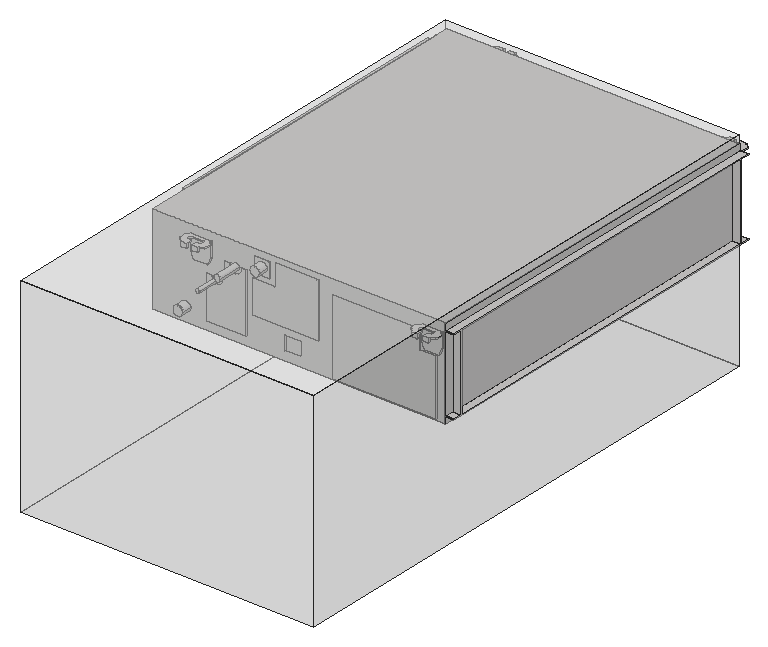
Revit family "outputfile", category 機械設備, Revit 2024
Family settings
  丸型コネクタ寸法 = 半径を使用
  パーツ タイプ = 標準
  OmniClass 番号 = 23.75.10.24.21.27.27
  OmniClass タイトル = Split System Air Conditioning Units
  作業面ベース = いいえ
  常に垂直 = はい
  ロード時にボイドで切り取り = いいえ
  注釈の向きを維持 = いいえ
  共有 = いいえ
  部屋計算ポイント = はい
Parameters (values of type "FBA71BVMA8")
  製造元 = "Daikin"
  書き出し IFC クラス(タイプ) = "IfcUnitaryEquipmentType"
  定義済み IFC タイプ(タイプ) = "AIRCONDITIONINGUNIT"
  モデル = "FBA71BVMA8"
  switch_frequency = yes
  r_Liquid Pipe Size = Liquid Pipe Size / 2  # 4.75 mm
  r_Gas Pipe Size = Gas Pipe Size / 2  # 7.95 mm
  r_Drain Pipe Size = Drain Pipe Size / 2  # 12.5 mm
  lw_power = 770.0 mm  # constant formula
  lh_SA = 138.0 mm  # constant formula
  lw_SA = if(Width = 550.0 mm, 225.0 mm, if(Width = 700.0 mm, 300.0 mm, if(Width = 1000.0 mm, 450.0 mm, if(Width = 1400.0 mm, 650.0 mm, 725.0 mm))))  # 450.0 mm
  lw_RA = if(Width = 550.0 mm, 275.0 mm, if(Width = 700.0 mm, 349.0 mm, if(Width = 1000.0 mm, 499.0 mm, if(Width = 1400.0 mm, 699.0 mm, 775.0 mm))))  # 499.0 mm
  lh_power = 60.0 mm + [h***]  # 60.0 mm
  lh_mountinghole1 = lh_mountinghole + [h***]  # 222.0 mm
  lh_RA = 123.0 mm  # constant formula
  ld_power = Width / 2  # 500.0 mm
  connector_voltage = Voltage_50Hz  # 230 V
  connector_powerinput = [Power Input (Cooling)]  # 2.150 kW
  connector_phase = Phase_50Hz  # 1
  Voltage_comment_60Hz = "220-230"
  Voltage_comment_50Hz = "220-240"
  Voltage_60Hz = 220 V
  Voltage_50Hz = 230 V
  Total Heating Capacity [instance] = 0.000 kW
  Supply Air Direction [instance] = yes
  Sound Power Level_H speed (dB) = 66
  Power Input (Heating) = 2.300 kW
  Phase_60Hz = 1
  Phase_50Hz = 1
  Nominal Heating Capacity = 8.000 kW
  Minimum External Static Pressure = 50.00 Pa
  Maximum External Static Pressure = 150.00 Pa
  Material_Casing = DAIKIN_GalvanizedSteel_Casing_indoorunit
  lw_mountinghole = 630.0 mm  # constant formula
  lh_gaspipe = 183.0 mm + [h***]  # 183.0 mm
  lh_mountinghole = 222.0 mm  # constant formula
  lh_liquidpipe = 136.0 mm + [h***]  # 136.0 mm
  lh_drainpipe = 207.0 mm + [h***]  # 207.0 mm
  lh_antena = Height - lh_mountinghole + 1.0 mm  # 24.0 mm
  ld_drainpipe = Width / 2 + 26.0 mm  # 526.0 mm
  ld_liquidpipe = Width / 2 + 69.0 mm  # 569.0 mm
  ld_gaspipe = Width / 2 + 65.0 mm  # 565.0 mm
  ld_mountinghole = Width + 38.0 mm  # 1038.0 mm
  h*** = 0.0 mm  # constant formula
  lw_liquidpipe = 179.0 mm  # constant formula
  lw_gaspipe = 229.0 mm  # constant formula
  lw_drainpipe = 300.0 mm  # constant formula
  Width = 1000.0 mm
  Version = "ver.1.0"
  Unit Type = "Duct"
  Unit Mass Weight = 37.00 kg
  Unit Designation [instance] = ""
  Uniclass2015Version = "Products v1.30"
  Uniclass2015Title = "Split coil room air conditioning units"
  Uniclass2015Code = "Pr_70_65_03_86"
  Total Cooling Capacity [instance] = 0.000 kW
  Sound Pressure Level_M speed (dBA) = 35
  Sound Pressure Level_L speed (dBA) = 33
  Sound Pressure Level_H speed (dBA) = 38
  Series = "SkyAir_Fan Coil Unit"
  Sensible Cooling Capacity [instance] = 0.000 kW
  SA Duct Size Width = 792.0 mm
  SA Duct Size Height = 176.0 mm
  Refrigerant Type = "R32"
  RA Duct Size Width = 952.0 mm
  RA Duct Size Height = 208.0 mm
  Power Input (Cooling) = 2.150 kW
  Option Accessory 3 [instance] = ""
  Option Accessory 2 [instance] = ""
  Option Accessory 1 [instance] = ""
  Nominal Cooling Capacity = 7.100 kW
  Minimum Airflow = 960.00 m³/h
  Median Airflow = 1170.00 m³/h
  Maximum Airflow = 1380.00 m³/h
  Load Classification = HVAC
  Liquid Pipe Size = 9.5 mm
  Link_Nested Family [instance] = ""
  IfcVersion = ""
  IfcExportType = "AIRCONDITIONINGUNIT"
  IfcExportAs = "IfcUnitaryEquipmentType"
  Height = 245.0 mm
  Heating Entering Wet Bulb Temperature [instance] = -273.15 °C
  Heating Entering Dry Bulb Temperature [instance] = -273.15 °C
  Heating Ambient Wet Bulb Temperature [instance] = -273.15 °C
  Heating Ambient Dry Bulb Temperature [instance] = -273.15 °C
  Heat Exchanger Type = "Cross Fin Coil"
  Gas Pipe Size = 15.9 mm
  Frequency_60Hz = 60 Hz
  Frequency_50Hz = 50 Hz
  Fan Type = "Sirocco Fan"
  Fan Drive = "Direct Drive"
  FCU Tag No. [instance] = ""
  Drain Pipe Size = 25.0 mm
  Design Supply Airflow [instance] = 0.00 m³/h
  Design Return Airflow [instance] = 0.00 m³/h
  Design External Static Pressure [instance] = 0.00 Pa
  Depth = 800.0 mm
  既定の高さ = 0.0 mm
  Cooling Entering Wet Bulb Temperature [instance] = 0.00 °C
  Cooling Entering Dry Bulb Temperature [instance] = 0.00 °C
  Cooling Ambient Wet Bulb Temperature [instance] = 0.00 °C
  Cooling Ambient Dry Bulb Temperature [instance] = 0.00 °C
  Clearance visibility [instance] = yes
  Clearance Top = 20.0 mm
  Clearance Right = 0.0 mm
  Clearance Rear = 0.0 mm
  Clearance Left = 0.0 mm
  Clearance Front = 450.0 mm
  Clearance Bottom = 300.0 mm
Reference planes
  plane 1 "Center (Front/Back)": y = 0
  plane 2 "h": z = 0
  plane 3 "Center (Left/Right)": x = 0
  plane 4 "Back": y = 500
  plane 5 "Front": y = -500
  plane 6 "Left": x = -400
  plane 7 "Right": x = 400
  plane 8 "Top": z = 0
  plane 9 "Bottom": z = -245
  plane 10: y = -215
  plane 11: y = 500
  plane 12: y = -950
  plane 13: x = -400
  plane 14: x = 400
  plane 15: z = 20
  plane 16: z = -545
  plane 17: x = -400
  plane 18: x = -399
  plane 19: x = 399
  plane 20: y = 50
  plane 21: y = -1
  plane 22: z = -122
  plane 23: y = -501
  plane 24: z = -109
  plane 25: x = -221
  plane 26: y = -565
  plane 27: z = -62
  plane 28: x = -171
  plane 29: y = -526
  plane 30: z = -38
  plane 31: x = -100
  plane 32: x = -100
  plane 33: x = -221
  plane 34: x = -171
  plane 35: x = 370
  plane 36: x = -266
  plane 37: x = 364
  plane 38: y = -519
  plane 39: y = 519
  plane 40: z = -23
  plane 41: z = -107
  plane 42: y = -569
  plane 43: z = -207
  plane 44: x = -309
  plane 45: y = -376
  plane 46: x = -251
  plane 47: x = -203
  plane 48: x = -144
  plane 49: z = -59
  plane 50: z = -106
  plane 51: z = -221
  plane 52: z = -109
  plane 53: x = -221
  plane 54: z = -62
  plane 55: x = -171
  plane 56: z = -17
  plane 57: z = -59
  plane 58: x = -121
  plane 59: x = -79
  plane 60: x = -125
  plane 61: x = -64
  plane 62: x = 53
  plane 63: z = -164
  plane 64: z = -73
  plane 65: z = -16
  plane 66: x = 93.5
  plane 67: x = 374.5
  plane 68: x = 330
  plane 69: z = -88.5
  plane 70: z = -38
  plane 71: z = -242.5
  plane 72: x = -38.5
  plane 73: x = 6.5
  plane 74: z = -181
  plane 75: z = -221
  plane 76: y = -499
  plane 77: x = -424
  plane 78: x = 424
Forms (mm)
  Extrusion 1, solid, material "DAIKIN_GalvanizedSteel_Casing_indoorunit" <- "Material_Casing"
    sketch origin (0, 0, 0) x (1, 0, 0) y (0, 1, 0)
      loop
        line (-399, 500) -> (-399, -500) -> (399, -500) -> (399, 500) -> (-399, 500)
    from -245 to 0
  Extrusion 2, solid, material "DAIKIN_GalvanizedSteel_Casing_indoorunit" <- "Material_Casing"
    sketch origin (0, 0, 0) x (1, 0, 0) y (0, 0, 1)
      loop
        line (-251, -221) -> (-144, -221) -> (-144, -59) -> (-154.47, -59)
        arc (-154.47, -59) -> (-171, -78.8) -> (-187.53, -59) r 16.8
        line (-187.53, -59) -> (-203, -59) -> (-203, -106) -> (-206.916, -106)
        arc (-206.916, -106) -> (-221, -123.4) -> (-235.084, -106) r 14.4
        line (-235.084, -106) -> (-251, -106) -> (-251, -221)
    from 500 to 501
  Extrusion 3, solid, material "DAIKIN_GalvanizedSteel_Casing_indoorunit" <- "Material_Casing"
    sketch origin (0, 0, 0) x (1, 0, 0) y (0, 0, 1)
      loop
        line (-121, -17) -> (-121, -59) -> (-79, -59) -> (-79, -17) -> (-121, -17)
      loop
        line (-125, -73) -> (-125, -164) -> (53, -164) -> (53, -16) -> (-64, -16) -> (-64, -73) -> (-125, -73)
    from 500 to 501
  Extrusion 4, solid, material "DAIKIN_GalvanizedSteel_Casing_indoorunit" <- "Material_Casing"
    sketch origin (0, 0, 0) x (1, 0, 0) y (0, 0, 1)
      loop
        line (93.5, -38) -> (93.5, -242.5) -> (374.5, -242.5) -> (374.5, -88.5) -> (330, -88.5) -> (330, -38) -> (93.5, -38)
    from 500 to 501
  Extrusion 5, solid, material "DAIKIN_GalvanizedSteel_Casing_indoorunit" <- "Material_Casing"
    sketch origin (0, 0, 0) x (1, 0, 0) y (0, 0, 1)
      loop
        circle (-221, -109) r 4.75
    from 500 to 569
  Extrusion 6, solid, material "DAIKIN_GalvanizedSteel_Casing_indoorunit" <- "Material_Casing"
    sketch origin (0, 0, 0) x (1, 0, 0) y (0, 0, 1)
      loop
        circle (-171, -62) r 7.95
    from 500 to 565
  Extrusion 7, solid, material "DAIKIN_GalvanizedSteel_Casing_indoorunit" <- "Material_Casing"
    sketch origin (0, 0, 0) x (1, 0, 0) y (0, 0, 1)
      loop
        circle (-100, -38) r 12.5
    from 501 to 526
  Extrusion 8, solid, material "DAIKIN_GalvanizedSteel_Casing_indoorunit" <- "Material_Casing"
    sketch origin (0, 0, 0) x (1, 0, 0) y (0, 0, 1)
      loop
        circle (-309, -207) r 13
    from 500 to 526
  Extrusion 9, void
    sketch origin (0, 0, 0) x (1, 0, 0) y (0, 0, 1)
      loop
        line (-38.5, -181) -> (-38.5, -221) -> (6.5, -221) -> (6.5, -181) -> (-38.5, -181)
    from 499 to 500
Cuts and joins
  Extrusion 9 cuts Extrusion 1
Dimensions and locks
  "Height": plane 8 "Top" to plane 9 "Bottom"
  equal spacing: plane 4 "Back", plane 1 "Center (Front/Back)", plane 5 "Front"
  "Width": plane 4 "Back" to plane 5 "Front"
  equal spacing: plane 6 "Left", plane 3 "Center (Left/Right)", plane 7 "Right"
  "Depth": plane 6 "Left" to plane 7 "Right"
  "Clearance Left": plane 13 to plane 6 "Left"
  "Clearance Right": plane 7 "Right" to plane 14
  "Clearance Rear": plane 11 to plane 4 "Back"
  "Clearance Front": plane 5 "Front" to plane 12
  "Clearance Top": plane 15 to plane 8 "Top"
  "Clearance Bottom": plane 9 "Bottom" to plane 16
  locked: plane 17 to plane 18 at 1
  locked: plane 19 to plane 14 at 1
  "lw_SA": plane 11 to plane 20
  "lw_RA": plane 21 to plane 5 "Front"
  "lh_RA": plane 22 to plane 9 "Bottom"
  locked: plane 5 "Front" to plane 23 at 1
  "lw_liquidpipe": plane 25 to plane 6 "Left"
  "lh_liquidpipe": plane 24 to plane 9 "Bottom"
  "lh_gaspipe": plane 27 to plane 9 "Bottom"
  "lw_gaspipe": plane 28 to plane 6 "Left"
  "ld_gaspipe": plane 26 to plane 1 "Center (Front/Back)"
  "ld_drainpipe": plane 29 to plane 1 "Center (Front/Back)"
  "lh_drainpipe": plane 30 to plane 9 "Bottom"
  "lw_drainpipe": plane 31 to plane 6 "Left"
  "lw_drainpipe": plane 6 "Left" to plane 32
  "lw_liquidpipe": plane 6 "Left" to plane 33
  "lw_gaspipe": plane 6 "Left" to plane 34
  "lw_power": plane 6 "Left" to plane 35
  locked: plane 17 to plane 36 at 134
  "lw_mountinghole": plane 36 to plane 37
  equal spacing: plane 38, plane 1 "Center (Front/Back)", plane 39
  "ld_mountinghole": plane 39 to plane 38
  "lh_mountinghole": plane 40 to plane 9 "Bottom"
  "lh_SA": plane 41 to plane 9 "Bottom"
  locked: plane 44 to plane 6 "Left" at 91
  locked: plane 43 to plane 9 "Bottom" at 38
  plane 48 to plane 47 to plane 46 to plane 6 "Left" = 59.0 mm, 48.0 mm, 149.0 mm
  plane 8 "Top" to plane 49 to plane 50 to plane 51 = 59.0 mm locked, 47.0 mm locked, 115.0 mm locked
  plane 55 to plane 53 to plane 6 "Left" = 50.0 mm locked, 179.0 mm locked
  plane 54 to plane 52 to plane 9 "Bottom" = 47.0 mm locked, 136.0 mm locked
  plane 59 to plane 58 to plane 6 "Left" = 42.0 mm locked, 279.0 mm locked
  plane 8 "Top" to plane 56 to plane 57 = 17.0 mm locked, 42.0 mm locked
  plane 62 to plane 61 to plane 60 to plane 6 "Left" = 117.0 mm, 61.0 mm, 275.0 mm
  plane 8 "Top" to plane 65 to plane 64 = 16.0 mm locked, 57.0 mm locked
  locked: plane 65 to plane 63 at 148
  plane 8 "Top" to plane 70 to plane 69 to plane 71 = 38.0 mm locked, 50.5 mm locked, 154.0 mm locked
  plane 67 to plane 68 to plane 66 to plane 6 "Left" = 44.5 mm locked, 236.5 mm locked, 493.5 mm locked
  plane 8 "Top" to plane 74 to plane 75 = 181.0 mm locked, 40.0 mm locked
  plane 73 to plane 72 to plane 6 "Left" = 45.0 mm, 361.5 mm
  locked: plane 76 to plane 5 "Front" at 1
  locked: plane 77 to plane 17 at 24
  locked: plane 14 to plane 78 at 24
  "ld_liquidpipe": plane 42 to plane 1 "Center (Front/Back)"
  "r_Liquid Pipe Size": radius of Extrusion 5 sketch curve
  "r_Gas Pipe Size": radius of Extrusion 6 sketch curve
  "r_Drain Pipe Size": radius of Extrusion 7 sketch curve
  aligned and locked: level to plane 2 "h"
  aligned and locked: plane 8 "Top" to Extrusion 1
  aligned and locked: Extrusion 1 to plane 9 "Bottom"
  aligned and locked: nested 5 to plane 12
  aligned and locked: plane 13 to nested 5
  aligned and locked: plane 14 to nested 5
  aligned and locked: nested 5 to plane 13
  aligned and locked: plane 11 to nested 5
  aligned and locked: plane 15 to nested 5
  aligned and locked: plane 16 to nested 5
  aligned and locked: plane 5 "Front" to Extrusion 1 sketch curve
  aligned and locked: Extrusion 1 to plane 18
  aligned and locked: plane 19 to Extrusion 1
  aligned and locked: nested 7 to plane 18
  aligned and locked: nested 7 to plane 20
  aligned and locked: plane 19 to nested 8
  aligned and locked: plane 21 to nested 8
  aligned and locked: plane 22 to nested 8
  aligned and locked: Extrusion 2 to plane 23
  aligned and locked: plane 5 "Front" to Extrusion 2
  aligned and locked: Extrusion 3 to plane 23
  aligned and locked: plane 5 "Front" to Extrusion 3
  aligned and locked: plane 5 "Front" to Extrusion 4
  aligned and locked: Extrusion 5 sketch curve to plane 25
  aligned and locked: plane 24 to Extrusion 5 sketch curve
  aligned and locked: plane 5 "Front" to Extrusion 5
  aligned and locked: Extrusion 6 sketch curve to plane 28
  aligned and locked: plane 27 to Extrusion 6 sketch curve
  aligned and locked: plane 5 "Front" to Extrusion 6
  aligned and locked: Extrusion 7 sketch curve to plane 31
  aligned and locked: Extrusion 7 sketch curve to plane 30
  aligned and locked: Extrusion 7 to plane 29
  aligned and locked: plane 23 to Extrusion 7
  aligned and locked: nested 3 to plane 29
  aligned and locked: plane 32 to nested 3
  aligned and locked: nested 2 to plane 33
  aligned and locked: nested 1 to plane 34
  aligned and locked: Extrusion 6 to plane 26
  aligned and locked: nested 1 to plane 26
  aligned and locked: nested 6 to plane 5 "Front"
  aligned and locked: nested 6 to plane 35
  aligned and locked: plane 36 to nested 10
  aligned and locked: nested 10 to plane 5 "Front"
  aligned and locked: plane 37 to nested 9
  aligned and locked: nested 9 to plane 5 "Front"
  aligned and locked: nested 11 to plane 36
  aligned and locked: plane 4 "Back" to nested 11
  aligned and locked: nested 12 to plane 37
  aligned and locked: plane 4 "Back" to nested 12
  aligned and locked: plane 40 to nested 10
  aligned and locked: plane 40 to nested 11
  aligned and locked: plane 40 to nested 9
  aligned and locked: plane 40 to nested 12
  aligned and locked: plane 36 to nested 14
  aligned and locked: nested 14 to plane 39
  aligned and locked: plane 37 to nested 13
  aligned and locked: nested 13 to plane 39
  aligned and locked: plane 37 to nested 16
  aligned and locked: plane 38 to nested 16
  aligned and locked: plane 38 to nested 15
  aligned and locked: plane 36 to nested 15
  aligned and locked: plane 17 to plane 6 "Left"
  aligned and locked: plane 41 to nested 7
  aligned and locked: Extrusion 5 to plane 42
  aligned and locked: nested 2 to plane 42
  aligned and locked: Extrusion 8 sketch curve to plane 44
  aligned and locked: plane 43 to Extrusion 8 sketch curve
  aligned and locked: plane 5 "Front" to Extrusion 8
  aligned and locked: Extrusion 3 sketch curve to plane 56
  aligned and locked: Extrusion 3 sketch curve to plane 58
  aligned and locked: plane 57 to Extrusion 3 sketch curve
  aligned and locked: plane 59 to Extrusion 3 sketch curve
  aligned and locked: Extrusion 4 to plane 23
  aligned and locked: Extrusion 9 sketch curve to plane 74
  aligned and locked: plane 75 to Extrusion 9 sketch curve
  aligned and locked: plane 73 to Extrusion 9 sketch curve
  aligned and locked: plane 5 "Front" to Extrusion 9
  aligned and locked: plane 76 to Extrusion 9
  aligned and locked: nested 17 to plane 20
  aligned and locked: nested 17 to plane 77
  aligned and locked: plane 21 to nested 18
  aligned and locked: plane 78 to nested 18
  aligned and locked: plane 41 to nested 17
  aligned and locked: nested 18 to plane 22
  aligned and locked: nested 4 to plane 3 "Center (Left/Right)"
  aligned and locked: plane 1 "Center (Front/Back)" to nested 4
  aligned and locked: level to plane 8 "Top"
  aligned and locked: Extrusion 8 to plane 29
Automatic sketch dimensions
  plane 6 "Left" to Extrusion 1 sketch curve = 1.0 mm
  Extrusion 1 sketch curve to plane 7 "Right" = 1.0 mm
  Extrusion 1 sketch curve to plane 4 "Back" = 0.0 mm
  Extrusion 2 sketch curve to plane 46 = 0.0 mm
  Extrusion 2 sketch curve to plane 33 = 0.0 mm
  Extrusion 2 sketch curve to plane 47 = 0.0 mm
  Extrusion 2 sketch curve to plane 34 = 0.0 mm
  Extrusion 2 sketch curve to plane 48 = 0.0 mm
  Extrusion 2 sketch curve to plane 51 = 0.0 mm
  Extrusion 2 sketch curve to plane 52 = 0.0 mm
  Extrusion 2 sketch curve to plane 50 = 0.0 mm  (x3)
  Extrusion 2 sketch curve to plane 54 = 0.0 mm
  Extrusion 2 sketch curve to plane 49 = 0.0 mm  (x3)
  plane 33 to Extrusion 2 sketch curve = 14.084 mm
  plane 34 to Extrusion 2 sketch curve = 16.53 mm
  Extrusion 3 sketch curve to plane 60 = 0.0 mm
  Extrusion 3 sketch curve to plane 61 = 0.0 mm
  Extrusion 3 sketch curve to plane 62 = 0.0 mm
  Extrusion 3 sketch curve to plane 63 = 0.0 mm
  Extrusion 3 sketch curve to plane 64 = 0.0 mm
  Extrusion 3 sketch curve to plane 65 = 0.0 mm
  Extrusion 4 sketch curve to plane 66 = 0.0 mm
  Extrusion 4 sketch curve to plane 68 = 0.0 mm
  Extrusion 4 sketch curve to plane 67 = 0.0 mm
  Extrusion 4 sketch curve to plane 71 = 0.0 mm
  Extrusion 4 sketch curve to plane 69 = 0.0 mm
  Extrusion 4 sketch curve to plane 70 = 0.0 mm
  Extrusion 9 sketch curve to plane 72 = 0.0 mm
  radius of Extrusion 8 sketch curve = 13.0 mm
Nested families
  nested 1: "daikin_connector_rotate2" at (-171, 0, -62), length <- "ld_gaspipe", built-in parameter 1001364 <- "lh_gaspipe", radius <- "r_Gas Pipe Size", type "daikin_connector_rotate2"
    with radius 7.95 mm, length 565.0 mm, angle_vertical 90.00°
  nested 2: "daikin_connector_rotate2" at (-221, 0, -109), length <- "ld_liquidpipe", built-in parameter 1001364 <- "lh_liquidpipe", radius <- "r_Liquid Pipe Size", type "daikin_connector_rotate2"
    with radius 4.75 mm, length 569.0 mm, angle_vertical 90.00°
  nested 3: "daikin_connector_rotate2" at (-100, 0, -38), length <- "ld_drainpipe", built-in parameter 1001364 <- "lh_drainpipe", radius <- "r_Drain Pipe Size", type "daikin_connector_rotate2"
    with radius 12.5 mm, length 526.0 mm, angle_vertical 90.00°
  nested 4: "daikin_△_symbolicline" at (0, 0, 245) x (0, -1, 0) z (0, 0, 1), built-in parameter 1001364 <- "Height", visible <- "Supply Air Direction", type "daikin_△_symbolicline"
    with length 200.0 mm
  nested 5: "daikin_clearancespace" at (0, -225, -262.381), visible <- "Clearance visibility", show <- "Clearance visibility", Link_Nested Family <- "Link_Nested Family", type "daikin_clearancespace"
    with width 800.0 mm, show yes, height 565.0 mm, depth 1450.0 mm, Link_Nested Family ""
  nested 6: "daikin_connector_rotate2" at (370, 0, -185), built-in parameter 1001364 <- "lh_power", length <- "ld_power", type "daikin_connector_rotate2"
    with radius 10.0 mm, length 500.0 mm, angle_vertical 90.00°
  nested 7: "daikin_ductflange_FBA-BVMA8_2" at (-399, 50, -107) x (0, -1, 0) z (0, 0, 1), type "daikin_ductflange_FBA-BVMA8_2"
    with width 792.0 mm, w 1000.0 mm
  nested 8: "daikin_ductflange_FBA-BVMA8" at (399, -1, -122) x (0, 1, 0) z (0, 0, 1), type "daikin_ductflange_FBA-BVMA8"
    with width 952.0 mm, lw 25.0 mm, w 1000.0 mm
  nested 9: "daikin_hangerfixture_FBA-BVMA8" at (364, -500, -23), type "daikin_hangerfixture_FBA-BVMA8"
  nested 10: "daikin_hangerfixture_FBA-BVMA8" at (-266, -500, -23), type "daikin_hangerfixture_FBA-BVMA8"
  nested 11: "daikin_hangerfixture_FBA-BVMA8" at (-266, 500, -23) x (-1, 0, 0) z (0, 0, 1), type "daikin_hangerfixture_FBA-BVMA8"
  nested 12: "daikin_hangerfixture_FBA-BVMA8" at (364, 500, -23) x (-1, 0, 0) z (0, 0, 1), type "daikin_hangerfixture_FBA-BVMA8"
  nested 13: "daikin_mountinghole" at (364, 519, -245), h_mountinghole <- "lh_mountinghole1", l_antenna <- "lh_antena", Link_Nested Family <- "Link_Nested Family", type "daikin_mountinghole"
    with show yes, l_antenna 24.0 mm, h_mountinghole 222.0 mm, Link_Nested Family ""
  nested 14: "daikin_mountinghole" at (-266, 519, -245), h_mountinghole <- "lh_mountinghole1", l_antenna <- "lh_antena", Link_Nested Family <- "Link_Nested Family", type "daikin_mountinghole"
    with show yes, l_antenna 24.0 mm, h_mountinghole 222.0 mm, Link_Nested Family ""
  nested 15: "daikin_mountinghole" at (-266, -519, -245), h_mountinghole <- "lh_mountinghole1", l_antenna <- "lh_antena", Link_Nested Family <- "Link_Nested Family", type "daikin_mountinghole"
    with show yes, l_antenna 24.0 mm, h_mountinghole 222.0 mm, Link_Nested Family ""
  nested 16: "daikin_mountinghole" at (364, -519, -245), h_mountinghole <- "lh_mountinghole1", l_antenna <- "lh_antena", Link_Nested Family <- "Link_Nested Family", type "daikin_mountinghole"
    with show yes, l_antenna 24.0 mm, h_mountinghole 222.0 mm, Link_Nested Family ""
  nested 17: "daikin_connector_rotate2" at (-400, 50, -107) x (0, -1, 0) z (0, 0, 1), type "daikin_connector_rotate2"
    with radius 10.0 mm, length 24.0 mm, angle_vertical 90.00°
  nested 18: "daikin_connector_rotate2" at (400, -1, -122) x (0, 1, 0) z (0, 0, 1), type "daikin_connector_rotate2"
    with radius 10.0 mm, length 24.0 mm, angle_vertical 90.00°
Connectors
  piping at (-100, -526, -38), diameter 25, driven by "r_Drain Pipe Size"
    settings: on nested 3, index 3, connector inside diameter 609.6 mm, connector length 0.0 mm, flow factor 0, pipe flow 0.00 m³/h, pressure drop 0.0 Pa, fitting loss kfactor 0, connector angle 0.00°, fixture units 0, engagement length 0.0 mm, angle of deflection 0.00°, flow configuration 1, flow direction 2, fitting loss method 4, system type 16, joint type 0, gender type 0, connector reference index -1, connector utility 0, adjustable connector no, is connector primary yes, connector description "Condensate Drain Piping"
  piping at (-171, -565, -62), diameter 15.9, driven by "r_Gas Pipe Size"
    settings: on nested 1, index 4, connector inside diameter 609.6 mm, connector length 0.0 mm, flow factor 0, pipe flow 0.00 m³/h, pressure drop 0.0 Pa, fitting loss kfactor 0, connector angle 0.00°, fixture units 0, engagement length 0.0 mm, angle of deflection 0.00°, flow configuration 1, flow direction 2, fitting loss method 0, system type 29, joint type 0, gender type 0, connector reference index -1, connector utility 0, adjustable connector no, is connector primary no, connector description "Refrigerant Gas Piping"
  piping at (-221, -569, -109), diameter 9.5, driven by "r_Liquid Pipe Size"
    settings: on nested 2, index 5, connector inside diameter 609.6 mm, connector length 0.0 mm, flow factor 0, pipe flow 0.00 m³/h, pressure drop 0.0 Pa, fitting loss kfactor 0, connector angle 0.00°, fixture units 0, engagement length 0.0 mm, angle of deflection 0.00°, flow configuration 1, flow direction 1, fitting loss method 0, system type 29, joint type 0, gender type 0, connector reference index -1, connector utility 0, adjustable connector no, is connector primary no, connector description "Refrigerant Liquid Piping"
  electrical at (370, -500, -185), driven by "Load Classification", driven by "connector_voltage", driven by "connector_phase", driven by "connector_powerinput"
    settings: on nested 6, index 6, voltage 230 V, apparent load 2150 VA, apparent load phase1 0 VA, apparent load phase2 0 VA, apparent load phase3 0 VA, power factor 1, load classification "HVAC", number of poles 1, system type 30, power factor state 1, is connector primary yes, connector utility no, sub classification motor no, connector description "Power Supply"
  hvac at (-424, 50, -107), driven by "SA Duct Size Height", driven by "SA Duct Size Width"
    settings: on nested 17, index 7, duct flow 0.00 m³/h, flow factor 0, pres drop 0.00 Pa, loss coef 0, conn angle 0.00°, conn width 792.0 mm, conn height 176.0 mm, conn diameter 609.6 mm, duct sys type 1, conn prof type 1, flow config 0, flow direction 2, loss method 4, conn ref index -1, conn util no, is conn primary yes, conn desc "SA Duct"
  hvac at (424, -1, -122), driven by "RA Duct Size Height", driven by "RA Duct Size Width"
    settings: on nested 18, index 8, duct flow 0.00 m³/h, flow factor 0, pres drop 0.00 Pa, loss coef 0, conn angle 0.00°, conn width 952.0 mm, conn height 208.0 mm, conn diameter 609.6 mm, duct sys type 2, conn prof type 1, flow config 0, flow direction 1, loss method 4, conn ref index -1, conn util no, is conn primary no, conn desc "RA Duct"
Definition of nested family "daikin_clearancespace"
  Parameters (values of type "daikin_clearancespace")
    Description = "daikin_clearancespace"
    width [instance] = 1823.963 mm
    show [instance] = yes
    material = none
    height [instance] = 1359.762 mm
    depth [instance] = 880.0 mm
    Default Elevation = 0.0 mm
    Link_Nested Family [instance] = ""
  Reference planes
    plane 1 "Center (Front/Back)": y = 0
    plane 2 "Center (Elevation)": z = -0.119
    plane 3 "Center (Left/Right)": x = 0
    plane 4: y = 440
    plane 5: y = -440
    plane 6 "Right": x = 911.982
    plane 7 "Left": x = -911.982
    plane 8 "Top": z = 679.762
    plane 9 "Bottom": z = -680
  Forms (mm)
    Extrusion 1, solid, material <- "material", visible <- "show"
      sketch origin (0, 0, 0) x (1, 0, 0) y (0, 1, 0)
        loop
          line (-911.982, 440) -> (-911.982, -440) -> (911.982, -440) -> (911.982, 440) -> (-911.982, 440)
      from -680 to 679.762
  Lines and regions (mm)
    symbolic lines, visible <- "show"
      curve 1: line (911.982, 440, 0) -> (-911.982, 440, 0)
      curve 2: line (-911.982, 440, 0) -> (-911.982, -440, 0)
      curve 3: line (-911.982, -440, 0) -> (911.982, -440, 0)
      curve 4: line (911.982, -440, 0) -> (911.982, 440, 0)
      curve 5: line (911.982, 0, 679.762) -> (-911.982, 0, 679.762)
      curve 6: line (911.982, 0, -680) -> (911.982, 0, 679.762)
      curve 7: line (-911.982, 0, -680) -> (911.982, 0, -680)
      curve 8: line (-911.982, 0, 679.762) -> (-911.982, 0, -680)
      curve 9: line (0, 440, 679.762) -> (0, -440, 679.762)
      curve 10: line (0, -440, 679.762) -> (0, -440, -680)
      curve 11: line (0, 440, -680) -> (0, 440, 679.762)
      curve 12: line (0, -440, -680) -> (0, 440, -680)
  Dimensions and locks
    "width": plane 7 "Left" to plane 6 "Right"
    "depth": plane 4 to plane 5
    "height": plane 8 "Top" to plane 9 "Bottom"
    equal spacing: plane 7 "Left", plane 3 "Center (Left/Right)", plane 6 "Right"
    equal spacing: plane 4, plane 1 "Center (Front/Back)", plane 5
    equal spacing: plane 8 "Top", plane 2 "Center (Elevation)", plane 9 "Bottom"
    aligned and locked: level to plane 2 "Center (Elevation)"
    aligned and locked: Extrusion 1 sketch curve to plane 4
    aligned and locked: plane 7 "Left" to Extrusion 1 sketch curve
    aligned and locked: Extrusion 1 sketch curve to plane 5
    aligned and locked: Extrusion 1 sketch curve to plane 6 "Right"
    aligned and locked: plane 8 "Top" to Extrusion 1
    aligned and locked: curve 1 to Extrusion 1
    aligned and locked: curve 2 to Extrusion 1
    aligned and locked: curve 3 to Extrusion 1
    aligned and locked: curve 4 to Extrusion 1
    aligned and locked: curve 5 to Extrusion 1
    aligned and locked: curve 6 to Extrusion 1
    aligned and locked: curve 7 to Extrusion 1
    aligned and locked: curve 8 to Extrusion 1
    aligned and locked: curve 9 to Extrusion 1
    aligned and locked: curve 10 to Extrusion 1
    aligned and locked: curve 11 to Extrusion 1
    aligned and locked: curve 12 to Extrusion 1
    aligned and locked: Extrusion 1 to plane 9 "Bottom"
Definition of nested family "daikin_ductflange_FBA-BVMA8_2"
  Parameters (values of type "daikin_ductflange_FBFC-DVMG2")
    width = if(w = 550.0 mm, 337.0 mm, if(w = 700.0 mm, 492.0 mm, if(w = 1000.0 mm, 792.0 mm, if(w = 1400.0 mm, 1192.0 mm, 1337.0 mm))))  # 1192.0 mm
    material = none
    height = 215.0 mm
    depth = 1.0 mm
    w = 1400.0 mm
    Default Elevation = 0.0 mm
  Reference planes
    plane 1 "Center (Front/Back)": y = 0
    plane 2: z = 0
    plane 3 "Center (Left/Right)": x = 0
    plane 4: z = 88
    plane 5: z = -88
    plane 6: y = -25
    plane 7: z = 106
    plane 8: z = 89
    plane 9: y = -1
    plane 10: x = -617.5
    plane 11: x = 617.5
    plane 12: z = -106
    plane 13: z = -89
    plane 14: y = -1
    plane 15: x = 596
    plane 16: x = -596
    plane 17: x = 597
    plane 18: z = 87
    plane 19: z = -87
    plane 20: x = -597
    plane 21: z = 87
    plane 22: z = -87
    plane 23: y = -1
  Forms (mm)
    Extrusion 1, solid, material <- "material"
      sketch origin (0, 0, 0) x (0, 1, 0) y (0, 0, 1)
        loop
          line (-25, 88) -> (0, 88) -> (0, 106) -> (-1, 106) -> (-1, 89) -> (-25, 89) -> (-25, 88)
      from -617.5 to 617.5
    Extrusion 2, solid, material <- "material"
      sketch origin (0, 0, 0) x (0, 1, 0) y (0, 0, 1)
        loop
          line (-25, -88) -> (-25, -89) -> (-1, -89) -> (-1, -106) -> (0, -106) -> (0, -88) -> (-25, -88)
      from -617.5 to 617.5
    Extrusion 3, solid, material <- "material"
      sketch origin (0, 0, 0) x (1, 0, 0) y (0, 0, 1)
        loop
          line (596, 88) -> (596, -88) -> (617.5, -88) -> (617.5, -87) -> (597, -87) -> (597, 87) -> (617.5, 87) -> (617.5, 88) -> (596, 88)
      from 0 to 25
    Extrusion 4, solid, material <- "material"
      sketch origin (0, 0, 0) x (1, 0, 0) y (0, 0, 1)
        loop
          line (-617.5, 88) -> (-617.5, 87) -> (-597, 87) -> (-597, -87) -> (-617.5, -87) -> (-617.5, -88) -> (-596, -88) -> (-596, 88) -> (-617.5, 88)
      from 0 to 25
    Extrusion 5, solid, material <- "material"
      sketch origin (0, 0, 0) x (1, 0, 0) y (0, 0, 1)
        loop
          line (-617.5, 88) -> (-617.5, -88) -> (-596, -88) -> (-596, 88) -> (-617.5, 88)
        loop
          line (617.5, 88) -> (596, 88) -> (596, -88) -> (617.5, -88) -> (617.5, 88)
      from 0 to 1
  Cuts and joins
    joined: Extrusion 1, Extrusion 2, Extrusion 3, Extrusion 4, Extrusion 5
  Dimensions and locks
    plane 4 to level to plane 5 = 88.0 mm, 88.0 mm
    locked: plane 6 to plane 1 "Center (Front/Back)" at 25
    locked: plane 9 to plane 1 "Center (Front/Back)" at 1
    locked: plane 8 to plane 4 at 1
    locked: plane 16 to plane 10 at 21.5
    locked: plane 17 to plane 15 at 1
    locked: plane 4 to plane 18 at 1
    locked: plane 19 to plane 5 at 1
    "width": plane 15 to plane 16
    plane 4 to plane 5 = 176.0 mm
    locked: plane 16 to plane 20 at 1
    locked: plane 4 to plane 21 at 1
    locked: plane 22 to plane 5 at 1
    locked: plane 23 to plane 1 "Center (Front/Back)" at 1
    plane 4 to level to plane 5 = 88.0 mm locked, 88.0 mm locked
    locked: plane 5 to plane 13 at 1
    locked: plane 5 to plane 12 at 18
    locked: plane 7 to plane 4 at 18
    equal spacing: plane 15, plane 3 "Center (Left/Right)", plane 16
    locked: plane 11 to plane 15 at 21.5
    plane 11 to plane 10 = 1235.0 mm
    aligned and locked: level to plane 2
    aligned and locked: Extrusion 1 to plane 10
    aligned and locked: plane 11 to Extrusion 1
    aligned and locked: plane 5 to Extrusion 2
    aligned and locked: Extrusion 2 to plane 1 "Center (Front/Back)"
    aligned and locked: plane 15 to Extrusion 3 sketch curve
    aligned and locked: Extrusion 3 sketch curve to Extrusion 2  (x2)
    aligned and locked: Extrusion 3 sketch curve to plane 11
    aligned and locked: plane 6 to Extrusion 3
    aligned and locked: Extrusion 2 to plane 10
    aligned and locked: plane 11 to Extrusion 2
    aligned and locked: Extrusion 4 sketch curve to Extrusion 1  (x2)
    aligned and locked: plane 5 to Extrusion 4 sketch curve
    aligned and locked: Extrusion 4 sketch curve to plane 16
    aligned and locked: Extrusion 4 sketch curve to plane 22
    aligned and locked: plane 20 to Extrusion 4 sketch curve
    aligned and locked: plane 21 to Extrusion 4 sketch curve
    aligned and locked: Extrusion 4 to plane 1 "Center (Front/Back)"
    aligned and locked: plane 6 to Extrusion 4
    aligned and locked: Extrusion 5 sketch curve to Extrusion 1  (x4)
    aligned and locked: Extrusion 5 sketch curve to Extrusion 4  (x2)
    aligned and locked: Extrusion 5 sketch curve to Extrusion 3  (x2)
    aligned and locked: Extrusion 5 to plane 1 "Center (Front/Back)"
    aligned and locked: plane 23 to Extrusion 5
  Automatic sketch dimensions
    Extrusion 1 sketch curve to plane 6 = 0.0 mm
    Extrusion 1 sketch curve to plane 7 = 0.0 mm
    Extrusion 1 sketch curve to plane 9 = 0.0 mm
    Extrusion 1 sketch curve to plane 1 "Center (Front/Back)" = 0.0 mm
    Extrusion 1 sketch curve to plane 4 = 0.0 mm
    Extrusion 1 sketch curve to plane 8 = 0.0 mm
    Extrusion 2 sketch curve to plane 6 = 0.0 mm
    plane 12 to Extrusion 2 sketch curve = 0.0 mm
    Extrusion 2 sketch curve to plane 14 = 0.0 mm
    Extrusion 2 sketch curve to plane 1 "Center (Front/Back)" = 0.0 mm
    plane 13 to Extrusion 2 sketch curve = 0.0 mm
    Extrusion 2 sketch curve to plane 5 = 0.0 mm
    Extrusion 3 sketch curve to plane 17 = 0.0 mm
    Extrusion 3 sketch curve to plane 19 = 0.0 mm
    Extrusion 3 sketch curve to plane 18 = 0.0 mm
    Extrusion 3 sketch curve to plane 4 = 0.0 mm
    Extrusion 4 sketch curve to plane 10 = 0.0 mm
Definition of nested family "daikin_ductflange_FBA-BVMA8"
  Parameters (values of type "daikin_ductflange_FBFC-DVMG")
    width = if(w = 550.0 mm, 502.0 mm, if(w = 700.0 mm, 654.0 mm, if(w = 1000.0 mm, 952.0 mm, if(w = 1400.0 mm, 1352.0 mm, 1502.0 mm))))  # 654.0 mm
    material = none
    lw = if(width = 654.0 mm, 23.0 mm, 25.0 mm)  # 23.0 mm
    height = 208.0 mm
    depth = 1.0 mm
    w = 700.0 mm
    Default Elevation = 0.0 mm
  Reference planes
    plane 1 "Center (Front/Back)": y = 0
    plane 2: z = 0
    plane 3 "Center (Left/Right)": x = 0
    plane 4: z = 104
    plane 5: z = -104
    plane 6: y = -25
    plane 7: z = 121
    plane 8: z = 105
    plane 9: y = -1
    plane 10: x = -350
    plane 11: x = 350
    plane 12: z = -122
    plane 13: z = -105
    plane 14: y = -1
    plane 15: x = 327
    plane 16: x = -327
    plane 17: x = 328
    plane 18: z = 103
    plane 19: z = -103
    plane 20: x = -328
    plane 21: z = 103
    plane 22: z = -103
    plane 23: y = -1
  Forms (mm)
    Extrusion 1, solid, material <- "material"
      sketch origin (0, 0, 0) x (0, 1, 0) y (0, 0, 1)
        loop
          line (-25, 104) -> (0, 104) -> (0, 121) -> (-1, 121) -> (-1, 105) -> (-25, 105) -> (-25, 104)
      from -350 to 350
    Extrusion 2, solid, material <- "material"
      sketch origin (0, 0, 0) x (0, 1, 0) y (0, 0, 1)
        loop
          line (-25, -104) -> (-25, -105) -> (-1, -105) -> (-1, -122) -> (0, -122) -> (0, -104) -> (-25, -104)
      from -350 to 350
    Extrusion 3, solid, material <- "material"
      sketch origin (0, 0, 0) x (1, 0, 0) y (0, 0, 1)
        loop
          line (327, 104) -> (327, -104) -> (350, -104) -> (350, -103) -> (328, -103) -> (328, 103) -> (350, 103) -> (350, 104) -> (327, 104)
      from 0 to 25
    Extrusion 4, solid, material <- "material"
      sketch origin (0, 0, 0) x (1, 0, 0) y (0, 0, 1)
        loop
          line (-350, 104) -> (-350, 103) -> (-328, 103) -> (-328, -103) -> (-350, -103) -> (-350, -104) -> (-327, -104) -> (-327, 104) -> (-350, 104)
      from 0 to 25
    Extrusion 5, solid, material <- "material"
      sketch origin (0, 0, 0) x (1, 0, 0) y (0, 0, 1)
        loop
          line (-350, 104) -> (-350, -104) -> (-327, -104) -> (-327, 104) -> (-350, 104)
        loop
          line (350, 104) -> (327, 104) -> (327, -104) -> (350, -104) -> (350, 104)
      from 0 to 1
  Cuts and joins
    joined: Extrusion 1, Extrusion 2, Extrusion 3, Extrusion 4, Extrusion 5
  Dimensions and locks
    plane 4 to level to plane 5 = 104.0 mm, 104.0 mm
    locked: plane 6 to plane 1 "Center (Front/Back)" at 25
    locked: plane 9 to plane 1 "Center (Front/Back)" at 1
    locked: plane 8 to plane 4 at 1
    "lw": plane 11 to plane 15
    "lw": plane 16 to plane 10
    locked: plane 17 to plane 15 at 1
    locked: plane 4 to plane 18 at 1
    locked: plane 19 to plane 5 at 1
    "width": plane 15 to plane 16
    equal spacing: plane 15, plane 3 "Center (Left/Right)", plane 16
    locked: plane 16 to plane 20 at 1
    locked: plane 4 to plane 21 at 1
    locked: plane 22 to plane 5 at 1
    locked: plane 23 to plane 1 "Center (Front/Back)" at 1
    locked: plane 7 to plane 4 at 17
    locked: plane 1 "Center (Front/Back)" to plane 14 at 1
    locked: plane 5 to plane 13 at 1
    "height": plane 4 to plane 5
    plane 11 to plane 10 = 700.0 mm
    locked: plane 12 to plane 13 at 17
    equal spacing: plane 4, level, plane 5
    aligned and locked: level to plane 2
    aligned and locked: Extrusion 1 to plane 10
    aligned and locked: plane 11 to Extrusion 1
    aligned and locked: plane 5 to Extrusion 2
    aligned and locked: Extrusion 2 to plane 1 "Center (Front/Back)"
    aligned and locked: plane 15 to Extrusion 3 sketch curve
    aligned and locked: Extrusion 3 sketch curve to Extrusion 2  (x2)
    aligned and locked: Extrusion 3 sketch curve to plane 11
    aligned and locked: plane 6 to Extrusion 3
    aligned and locked: Extrusion 2 to plane 10
    aligned and locked: plane 11 to Extrusion 2
    aligned and locked: Extrusion 4 sketch curve to Extrusion 1  (x2)
    aligned and locked: plane 5 to Extrusion 4 sketch curve
    aligned and locked: Extrusion 4 sketch curve to plane 16
    aligned and locked: Extrusion 4 sketch curve to plane 22
    aligned and locked: plane 20 to Extrusion 4 sketch curve
    aligned and locked: plane 21 to Extrusion 4 sketch curve
    aligned and locked: Extrusion 4 to plane 1 "Center (Front/Back)"
    aligned and locked: plane 6 to Extrusion 4
    aligned and locked: Extrusion 5 sketch curve to Extrusion 1  (x4)
    aligned and locked: Extrusion 5 sketch curve to Extrusion 4  (x2)
    aligned and locked: Extrusion 5 sketch curve to Extrusion 3  (x2)
    aligned and locked: Extrusion 5 to plane 1 "Center (Front/Back)"
    aligned and locked: plane 23 to Extrusion 5
  Automatic sketch dimensions
    Extrusion 1 sketch curve to plane 6 = 0.0 mm
    Extrusion 1 sketch curve to plane 7 = 0.0 mm
    Extrusion 1 sketch curve to plane 9 = 0.0 mm
    Extrusion 1 sketch curve to plane 1 "Center (Front/Back)" = 0.0 mm
    Extrusion 1 sketch curve to plane 4 = 0.0 mm
    Extrusion 1 sketch curve to plane 8 = 0.0 mm
    Extrusion 2 sketch curve to plane 6 = 0.0 mm
    plane 12 to Extrusion 2 sketch curve = 0.0 mm
    Extrusion 2 sketch curve to plane 14 = 0.0 mm
    Extrusion 2 sketch curve to plane 1 "Center (Front/Back)" = 0.0 mm
    plane 13 to Extrusion 2 sketch curve = 0.0 mm
    Extrusion 2 sketch curve to plane 5 = 0.0 mm
    Extrusion 3 sketch curve to plane 17 = 0.0 mm
    Extrusion 3 sketch curve to plane 19 = 0.0 mm
    Extrusion 3 sketch curve to plane 18 = 0.0 mm
    Extrusion 3 sketch curve to plane 4 = 0.0 mm
    Extrusion 4 sketch curve to plane 10 = 0.0 mm
Definition of nested family "daikin_hangerfixture_FBA-BVMA8"
  Parameters (values of type "daikin_hangerfixture_FXMQ-PAVE")
    width = 72.0 mm
    material = none
    height = 60.0 mm
    depth = 41.0 mm
    Default Elevation = 0.0 mm
  Reference planes
    plane 1 "Center (Front/Back)": y = 0
    plane 2: z = 0
    plane 3 "Center (Left/Right)": x = 0
    plane 4: y = 417.146
    plane 5: y = -41
    plane 6: x = -36
    plane 7: x = 36
    plane 8: z = -2.3
    plane 9: z = -60
    plane 10: y = -2.3
    plane 11: z = -12
    plane 12: y = -38.7
  Forms (mm)
    Extrusion 1, solid, material <- "material"
      sketch origin (0, 0, 0) x (1, 0, 0) y (0, 1, 0)
        loop
          line (-28, 0) -> (-28, -5)
          arc (-28, -5) -> (-29.127, -8.162) -> (-32, -9.899) r 5
          arc (-32, -9.899) -> (-34.873, -11.636) -> (-36, -14.798) r 5
          line (-36, -14.798) -> (-36, -27.178)
          arc (-36, -27.178) -> (-35.429, -29.499) -> (-33.846, -31.289) r 5
          line (-33.846, -31.289) -> (-23, -38.798) -> (-23, -41.098) -> (-6.5, -41.098) -> (-6.5, -28.498)
          arc (-6.5, -28.498) -> (-7.379, -26.377) -> (-9.5, -25.498) r 3
          line (-9.5, -25.498) -> (-13.5, -25.498)
          arc (-13.5, -25.498) -> (-20, -18.998) -> (-13.5, -12.498) r 6.5
          line (-13.5, -12.498) -> (13.5, -12.498)
          arc (13.5, -12.498) -> (20, -18.998) -> (13.5, -25.498) r 6.5
          line (13.5, -25.498) -> (9.5, -25.498)
          arc (9.5, -25.498) -> (7.379, -26.377) -> (6.5, -28.498) r 3
          line (6.5, -28.498) -> (6.5, -41.098) -> (23, -41.098) -> (23, -38.798) -> (33.846, -31.289)
          arc (33.846, -31.289) -> (35.429, -29.499) -> (36, -27.178) r 5
          line (36, -27.178) -> (36, -14.596)
          arc (36, -14.596) -> (34.873, -11.434) -> (32, -9.697) r 5
          arc (32, -9.697) -> (29.127, -7.96) -> (28, -4.798) r 5
          line (28, -4.798) -> (28, 0) -> (-28, 0)
      from 0 to -2.3
    Extrusion 2, solid, material <- "material"
      sketch origin (0, 0, 0) x (1, 0, 0) y (0, 0, 1)
        loop
          line (28, -39.037) -> (28, 0) -> (-28, 0) -> (-28, -39.037)
          arc (-28, -39.037) -> (-27.91, -39.983) -> (-27.642, -40.894) r 5
          line (-27.642, -40.894) -> (-21.257, -56.857)
          arc (-21.257, -56.857) -> (-19.418, -59.14) -> (-16.615, -60) r 5
          line (-16.615, -60) -> (16.615, -60)
          arc (16.615, -60) -> (19.418, -59.14) -> (21.257, -56.857) r 5
          line (21.257, -56.857) -> (27.642, -40.894)
          arc (27.642, -40.894) -> (27.91, -39.983) -> (28, -39.037) r 5
      from 0 to 2.3
    Extrusion 3, solid, material <- "material"
      sketch origin (0, 0, 0) x (1, 0, 0) y (0, 0, 1)
        loop
          line (-23, 0) -> (-23, -9)
          arc (-23, -9) -> (-22.121, -11.121) -> (-20, -12) r 3
          line (-20, -12) -> (-9.5, -12)
          arc (-9.5, -12) -> (-7.379, -11.121) -> (-6.5, -9) r 3
          line (-6.5, -9) -> (-6.5, 0) -> (-23, 0)
        loop
          line (23, 0) -> (6.5, 0) -> (6.5, -9)
          arc (6.5, -9) -> (7.379, -11.121) -> (9.5, -12) r 3
          line (9.5, -12) -> (20, -12)
          arc (20, -12) -> (22.121, -11.121) -> (23, -9) r 3
          line (23, -9) -> (23, 0)
      from 38.8 to 41.098
  Cuts and joins
    joined: Extrusion 1, Extrusion 2, Extrusion 3
  Dimensions and locks
    plane 2 to plane 8 = 2.3 mm
    "height": plane 2 to plane 9
    locked: plane 10 to plane 1 "Center (Front/Back)" at 2.3
    locked: plane 2 to plane 11 at 12
    locked: plane 12 to plane 5 at 2.3
    aligned and locked: level to plane 2
    aligned and locked: Extrusion 1 to plane 8
    aligned and locked: plane 2 to Extrusion 1
    aligned and locked: plane 2 to Extrusion 2 sketch curve
    aligned and locked: Extrusion 2 to plane 10
    aligned and locked: Extrusion 2 to plane 1 "Center (Front/Back)"
    aligned and locked: Extrusion 3 sketch curve to cut or joined group of Extrusion 1, Extrusion 2, Extrusion 3  (x3)
    aligned and locked: cut or joined group of Extrusion 1, Extrusion 2, Extrusion 3 to Extrusion 3
  Automatic sketch dimensions
    Extrusion 2 sketch curve to plane 7 = 8.0 mm
    Extrusion 2 sketch curve to plane 8 = 36.737 mm
    plane 6 to Extrusion 2 sketch curve = 19.385 mm
    Extrusion 1 sketch curve to plane 6 = 0.0 mm
    plane 1 "Center (Front/Back)" to Extrusion 1 sketch curve = 0.0 mm
    Extrusion 1 sketch curve to plane 7 = 0.0 mm
    plane 6 to Extrusion 1 sketch curve = 2.154 mm
    plane 6 to Extrusion 1 sketch curve = 3.0 mm
    Extrusion 1 sketch curve to Extrusion 1 sketch curve = 5.0 mm  (x3)
    Extrusion 1 sketch curve to plane 12 = 0.098 mm  (x2)
    Extrusion 1 sketch curve to Extrusion 1 sketch curve = 4.0 mm  (x2)
    Extrusion 1 sketch curve to plane 5 = 0.098 mm  (x2)
    Extrusion 1 sketch curve to plane 3 "Center (Left/Right)" = 6.5 mm
    plane 3 "Center (Left/Right)" to Extrusion 1 sketch curve = 6.5 mm
    Extrusion 1 sketch curve to Extrusion 1 sketch curve = 3.0 mm
    Extrusion 1 sketch curve to plane 7 = 8.0 mm
    Extrusion 1 sketch curve to plane 7 = 5.0 mm
    Extrusion 1 sketch curve to plane 7 = 3.0 mm
    Extrusion 1 sketch curve to plane 7 = 2.154 mm
    plane 12 to Extrusion 1 sketch curve = 7.411 mm  (x2)
    plane 12 to Extrusion 1 sketch curve = 10.202 mm  (x2)
    Extrusion 1 sketch curve to Extrusion 1 sketch curve = 6.5 mm  (x2)
    Extrusion 1 sketch curve to Extrusion 1 sketch curve = 12.38 mm
    Extrusion 1 sketch curve to plane 10 = 12.296 mm
    Extrusion 1 sketch curve to plane 10 = 2.7 mm
    Extrusion 1 sketch curve to plane 10 = 2.498 mm
    plane 6 to Extrusion 1 sketch curve = 4.0 mm
    Extrusion 1 sketch curve to Extrusion 1 sketch curve = 0.0 mm  (x2)
    Extrusion 1 sketch curve to plane 7 = 4.0 mm
    Extrusion 1 sketch curve to Extrusion 1 sketch curve = 4.111 mm
    Extrusion 3 sketch curve to level = 0.0 mm  (x2)
    Extrusion 3 sketch curve to plane 11 = 0.0 mm  (x2)
    plane 11 to Extrusion 3 sketch curve = 3.0 mm  (x2)
    plane 3 "Center (Left/Right)" to Extrusion 3 sketch curve = 6.5 mm
    Extrusion 3 sketch curve to Extrusion 3 sketch curve = 3.0 mm  (x2)
    Extrusion 2 sketch curve to plane 9 = 0.0 mm
    Extrusion 2 sketch curve to Extrusion 2 sketch curve = 11.385 mm
    plane 6 to Extrusion 2 sketch curve = 8.0 mm
    plane 9 to Extrusion 2 sketch curve = 20.963 mm
    Extrusion 2 sketch curve to Extrusion 2 sketch curve = 5.0 mm  (x2)
    plane 9 to Extrusion 2 sketch curve = 3.143 mm  (x3)
    Extrusion 2 sketch curve to Extrusion 2 sketch curve = 4.642 mm  (x2)
    Extrusion 2 sketch curve to Extrusion 2 sketch curve = 0.0 mm  (x2)
    Extrusion 2 sketch curve to Extrusion 2 sketch curve = 0.358 mm
    Extrusion 2 sketch curve to Extrusion 2 sketch curve = 1.857 mm  (x2)
Definition of nested family "daikin_connector_rotate2"
  Parameters (values of type "daikin_connector_rotate2")
    Default Elevation = 1219.2 mm
    show_face = no
    radius [instance] = 10.0 mm
    length [instance] = 600.0 mm
    d_surface = 10.0 mm
    angle_vertical [instance] = 90.00°
  Reference planes
    plane 1 "Center (Front/Back)": y = 0
    plane 2: z = 0
    plane 3 "Center (Left/Right)": x = 0
  Forms (mm)
    Extrusion 1, solid, visible <- "show_face"
      sketch origin (0, -600, 0) x (1, 0, 0) y (0, 0, 1)
        loop
          circle (0, 0) r 10
      from 0 to -10
  Lines and regions (mm)
    reference lines
      curve 1: line (0, 0, 0) -> (0, -600, 0)
    symbolic lines
      curve 2: circle (0, 0, 0) r 5 normal (0, 0, 1)
    model lines, visible <- "show_face"
      curve 3: line (0, 0, 0) -> (0, -600, 0)
  Dimensions and locks
    "length": curve 1 to curve 1
    "length": curve 3 to curve 3
    "d_surface": Extrusion 1 to Extrusion 1
    "radius": radius of Extrusion 1 sketch curve
    "angle_vertical": angle curve 1 to plane 1 "Center (Front/Back)"
    "angle_vertical": angle curve 3 to plane 1 "Center (Front/Back)"
    aligned and locked: level to plane 2
    aligned and locked: plane 1 "Center (Front/Back)" to curve 1
    aligned and locked: plane 2 to curve 1
    aligned and locked: plane 1 "Center (Front/Back)" to curve 2
    aligned and locked: plane 3 "Center (Left/Right)" to curve 2
    aligned and locked: plane 1 "Center (Front/Back)" to curve 3
    aligned and locked: plane 2 to curve 3
    aligned and locked: Extrusion 1 to Extrusion 1
  Automatic sketch dimensions
    Extrusion 1 sketch curve to level = 0.0 mm
    Extrusion 1 sketch curve to plane 3 "Center (Left/Right)" = 0.0 mm
    radius of curve 2 = 5.0 mm
Definition of nested family "daikin_△_symbolicline"
  Parameters (values of type "daikin_△_symbolicline")
    length [instance] = 200.0 mm
    Default Elevation = 0.0 mm
  Reference planes
    plane 1 "Center (Front/Back)": y = 0
    plane 2: z = 0
    plane 3 "Center (Left/Right)": x = 0
  Lines and regions (mm)
    symbolic lines
      curve 1: line (0, -173.205, 0) -> (100, 0, 0)
      curve 2: line (100, 0, 0) -> (-100, 0, 0)
      curve 3: line (-100, 0, 0) -> (0, -173.205, 0)
  Dimensions and locks
    equal spacing: curve 3, plane 3 "Center (Left/Right)", curve 2
    "length": curve 3 to curve 2
    "length": curve 3 to curve 3
    "length": curve 1 to curve 1
    aligned and locked: level to plane 2
    aligned and locked: curve 2 to plane 1 "Center (Front/Back)"
    aligned and locked: plane 3 "Center (Left/Right)" to curve 3
Definition of nested family "daikin_mountinghole"
  Parameters (values of type "daikin_mountinghole")
    Default Elevation = 1219.2 mm
    Type Comments = "mountinghole"
    show [instance] = yes
    material = none
    l_centerline = 100.0 mm
    l_antenna [instance] = 100.0 mm
    h_mountinghole [instance] = 0.0 mm
    d_circle = 30.0 mm
    Link_Nested Family [instance] = ""
  Reference planes
    plane 1 "Center (Front/Back)": y = 0
    plane 2: z = 0
    plane 3 "Center (Left/Right)": x = 0
    plane 4: y = 50
    plane 5: x = -50
    plane 6: x = 50
    plane 7: y = -50
    plane 8 "h_mountinghole": z = 0
    plane 9: z = 100
  Lines and regions (mm)
    model lines, detail levels fine
      curve 1: circle (0, 0, 0) r 15 normal (0, 0, 1)
      curve 2: line (-50, 0, 0) -> (50, 0, 0)
      curve 3: line (0, 50, 0) -> (0, -50, 0)
    symbolic lines, detail levels fine
      curve 4: circle (0, 0, 0) r 15 normal (0, 0, 1)
      curve 5: line (-50, 0, 0) -> (50, 0, 0)
      curve 6: line (0, 50, 0) -> (0, -50, 0)
    model lines
      curve 7: line (0, 0, 100) -> (0, 0, 0)
  Dimensions and locks
    equal spacing: plane 4, plane 1 "Center (Front/Back)", plane 7
    "l_centerline": plane 4 to plane 7
    equal spacing: plane 5, plane 3 "Center (Left/Right)", plane 6
    "l_centerline": plane 5 to plane 6
    "l_antenna": plane 9 to plane 8 "h_mountinghole"
    "h_mountinghole": plane 8 "h_mountinghole" to plane 2
    "d_circle": diameter of curve 1
    "d_circle": diameter of curve 4
    aligned and locked: level to plane 2
    aligned and locked: plane 1 "Center (Front/Back)" to curve 1
    aligned and locked: plane 3 "Center (Left/Right)" to curve 1
    aligned and locked: plane 1 "Center (Front/Back)" to curve 2
    aligned and locked: curve 3 to plane 3 "Center (Left/Right)"
    aligned and locked: plane 6 to curve 2
    aligned and locked: plane 5 to curve 2
    aligned and locked: plane 4 to curve 3
    aligned and locked: plane 7 to curve 3
    aligned and locked: plane 1 "Center (Front/Back)" to curve 4
    aligned and locked: plane 3 "Center (Left/Right)" to curve 4
    aligned and locked: plane 6 to curve 5
    aligned and locked: plane 5 to curve 5
    aligned and locked: plane 1 "Center (Front/Back)" to curve 5
    aligned and locked: plane 4 to curve 6
    aligned and locked: plane 7 to curve 6
    aligned and locked: curve 6 to plane 3 "Center (Left/Right)"
    aligned and locked: curve 7 to plane 3 "Center (Left/Right)"
    aligned and locked: plane 9 to curve 7
    aligned and locked: plane 8 "h_mountinghole" to curve 7
